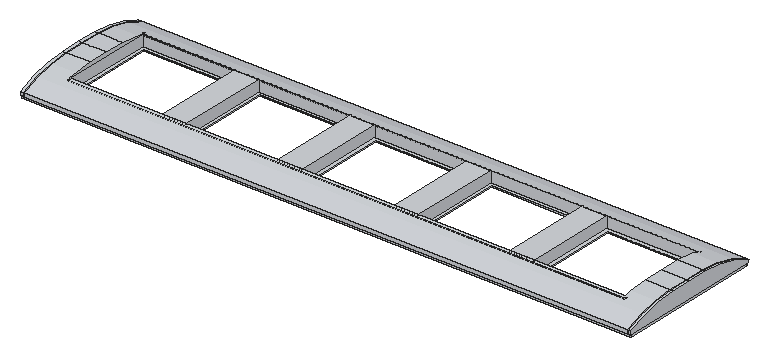
Revit family "Gira_021507", category Electrical Fixtures, host Face, Revit 2017
Family settings
  Host = Face
  Maintain Annotation Orientation = No
  Round Connector Dimension = Use Diameter
  Part Type = Normal
  Cut with Voids When Loaded = No
  Shared = No
  Room Calculation Point = No
Parameters (values of type "Abdeckrahmen 5f Zwischenr. AN Gira Event Reinweiß m")
  Werkstoffgüte = "Thermoplast"
  Werkstoff = "Kunststoff"
  URL = "http://katalog.gira.de/de_DE/datenblatt.html?artikelnr=021507"
  Transparent = "No"
  Textfeld/Beschriftungsfläche = "No"
  Schutzart (IP) = "IP20"
  Region = "DE"
  Oberfläche = "sonstige"
  Name = "Abdeckrahmen 5f Zwischenr. AN Gira Event Reinweiß m"
  Montagerichtung = "horizontal und vertikal"
  Mit Montagerahmen = "No"
  Mit Klappdeckel = "No"
  Manufacturer URL = "https://www.gira.de/"
  Keynote = "Event_Rahmen_5fach"
  HeinzeBIM = "https://bimportal.heinze.de/bim/abdeckrahmen-5f-zwischenr-an-gira-event-reinweiss-m/8a9cef221fd6ada7a10d37450f2bd1069781d747"
  Halogenfrei = "Yes"
  HAN = "021507"
  Geeignet für Unterputz-Installation = "Yes"
  Geeignet für Unterflurkanaldose = "No"
  Geeignet für Geräteeinbaukanal = "No"
  Geeignet für Einbauinstallation = "No"
  GTIN = "4010337215073"
  Farbe = "weiß"
  Default Elevation = 1219.2 mm
  Data sheet (1) = "https://katalog.gira.de/de_DE/download.html?artikelnr=021507"
  Category = "Abdeckrahmen"
  Befestigungsart = "Klemmbefestigung"
  Available = "Yes"
  Anzahl der Einheiten vertikal = "5 "
  Anzahl der Einheiten horizontal = "5 "
  Anzahl der Einheiten = "5 "
Reference planes
  plane 1 "Center (Front/Back)": y = 0
  plane 2: z = 0
  plane 3 "Center (Left/Right)": x = 0
Forms (mm)
  Extrusion 1, solid, detail levels fine
    sketch origin (0, 0, 0.05) x (0, 1, 0) y (0, 0, 1)
      loop
        arc (12.445, 9.683) -> (6.223, 9.833) -> (0, 9.85) r 291.636
        arc (0, 9.85) -> (-6.223, 9.833) -> (-12.445, 9.683) r 291.636
        arc (-12.445, 9.683) -> (-29.14, 7.482) -> (-45, 1.823) r 79.728
        line (-45, 1.823) -> (-45, -0.05) -> (-42.086, -0.05)
        arc (-42.086, -0.05) -> (-21.385, 5.559) -> (0, 7.206) r 114.424
        arc (0, 7.206) -> (21.385, 5.559) -> (42.086, -0.05) r 114.424
        line (42.086, -0.05) -> (45, -0.05) -> (45, 1.823)
        arc (45, 1.823) -> (29.14, 7.482) -> (12.445, 9.683) r 79.728
    from -185.578 to 185.593
  Extrusion 2, void, detail levels fine
    sketch origin (0, 0, 0) x (1, 0, 0) y (0, 1, 0)
      loop
        line (170.607, 28) -> (-170.593, 28) -> (-170.593, -28) -> (170.607, -28) -> (170.607, 28)
    from 0.724 to 11
  Extrusion 3, solid, detail levels coarse
    sketch origin (0, 0, 0) x (1, 0, 0) y (0, 1, 0)
      loop
        line (-187.578, 45) -> (-187.578, -45) -> (187.593, -45) -> (187.593, 45) -> (-187.578, 45)
    from -1.5 to 9.9
  Extrusion 4, solid, detail levels medium
    sketch origin (0, 0, 0.05) x (0, 1, 0) y (0, 0, 1)
      loop
        arc (12.445, 9.683) -> (6.223, 9.833) -> (0, 9.85) r 291.636
        arc (0, 9.85) -> (-6.223, 9.833) -> (-12.445, 9.683) r 291.636
        arc (-12.445, 9.683) -> (-29.14, 7.482) -> (-45, 1.823) r 79.728
        line (-45, 1.823) -> (-45, -0.05) -> (45, -0.05) -> (45, 1.823)
        arc (45, 1.823) -> (29.14, 7.482) -> (12.445, 9.683) r 79.728
    from -187.578 to 187.593
  Extrusion 5, solid, detail levels fine
    sketch origin (-142.578, 0, -1.5) x (0, 1, 0) y (0, 0, -1)
      loop
        line (45, -3.373) -> (45, -1.5) -> (-45, -1.5) -> (-45, -3.373)
        arc (-45, -3.373) -> (-29.14, -9.032) -> (-12.445, -11.233) r 79.728
        arc (-12.445, -11.233) -> (-6.223, -11.383) -> (0, -11.4) r 291.636
        arc (0, -11.4) -> (6.223, -11.383) -> (12.445, -11.233) r 291.636
        arc (12.445, -11.233) -> (29.14, -9.032) -> (45, -3.373) r 79.728
    from 43 to 45
  Extrusion 6, solid, detail levels fine
    sketch origin (0, 0, 0) x (1, 0, 0) y (0, 1, 0)
      loop
        line (-168.493, 25.7) -> (-168.493, -25.7) -> (-116.693, -25.7) -> (-116.693, 25.7) -> (-168.493, 25.7)
      loop
        line (-45.398, -25.7) -> (-45.398, 25.7) -> (-97.198, 25.7) -> (-97.198, -25.7) -> (-45.398, -25.7)
      loop
        line (-171.487, 28.49) -> (-171.487, -28.495)
        spline (-171.487, -28.495) -> (-171.479, -28.625) -> (-171.453, -28.754) -> (-171.411, -28.878) -> (-171.353, -28.995) -> (-171.281, -29.104) -> (-171.194, -29.202) -> (-171.096, -29.288) -> (-170.987, -29.361) -> (-170.87, -29.419) -> (-170.746, -29.461) -> (-170.618, -29.486) -> (-170.487, -29.495)
        line (-170.487, -29.495) -> (170.502, -29.495)
        spline (170.502, -29.495) -> (170.633, -29.486) -> (170.761, -29.461) -> (170.885, -29.419) -> (171.002, -29.361) -> (171.111, -29.288) -> (171.209, -29.202) -> (171.296, -29.104) -> (171.368, -28.995) -> (171.426, -28.878) -> (171.468, -28.754) -> (171.494, -28.625) -> (171.502, -28.495)
        line (171.502, -28.495) -> (171.502, 28.49)
        spline (171.502, 28.49) -> (171.494, 28.62) -> (171.468, 28.748) -> (171.426, 28.872) -> (171.368, 28.99) -> (171.296, 29.098) -> (171.209, 29.197) -> (171.111, 29.283) -> (171.002, 29.356) -> (170.885, 29.413) -> (170.761, 29.456) -> (170.633, 29.481) -> (170.502, 29.49)
        line (170.502, 29.49) -> (-170.487, 29.49)
        spline (-170.487, 29.49) -> (-170.618, 29.481) -> (-170.746, 29.456) -> (-170.87, 29.413) -> (-170.987, 29.356) -> (-171.096, 29.283) -> (-171.194, 29.197) -> (-171.281, 29.098) -> (-171.353, 28.99) -> (-171.411, 28.872) -> (-171.453, 28.748) -> (-171.479, 28.62) -> (-171.487, 28.49)
      loop
        line (25.902, -25.7) -> (25.902, 25.7) -> (-25.898, 25.7) -> (-25.898, -25.7) -> (25.902, -25.7)
      loop
        line (97.207, -25.7) -> (97.207, 25.7) -> (45.407, 25.7) -> (45.407, -25.7) -> (97.207, -25.7)
      loop
        line (168.507, -25.7) -> (168.507, 25.7) -> (116.707, 25.7) -> (116.707, -25.7) -> (168.507, -25.7)
    from 0.1 to 7.3
  Extrusion 7, solid
    sketch origin (0, 0, 0) x (1, 0, 0) y (0, 1, 0)
      loop
        arc (-187.293, -44.218) -> (-187.146, -44.572) -> (-186.793, -44.718) r 0.5
        line (-186.793, -44.718) -> (186.807, -44.718)
        arc (186.807, -44.718) -> (187.161, -44.572) -> (187.307, -44.218) r 0.5
        line (187.307, -44.218) -> (187.307, 44.182)
        arc (187.307, 44.182) -> (187.161, 44.535) -> (186.807, 44.682) r 0.5
        line (186.807, 44.682) -> (-186.793, 44.682)
        arc (-186.793, 44.682) -> (-187.146, 44.535) -> (-187.293, 44.182) r 0.5
        line (-187.293, 44.182) -> (-187.293, -44.218)
      loop
        line (-185.593, 42.982) -> (-185.593, -43.018) -> (185.607, -43.018) -> (185.607, 42.982) -> (-185.593, 42.982)
    from -1.5 to 0.5
  Extrusion 8, solid, detail levels fine
    sketch origin (142.593, 0, -1.5) x (0, 1, 0) y (0, 0, 1)
      loop
        arc (45, 3.373) -> (29.14, 9.032) -> (12.445, 11.233) r 79.728
        arc (12.445, 11.233) -> (6.223, 11.383) -> (0, 11.4) r 291.636
        arc (0, 11.4) -> (-6.223, 11.383) -> (-12.445, 11.233) r 291.636
        arc (-12.445, 11.233) -> (-29.14, 9.032) -> (-45, 3.373) r 79.728
        line (-45, 3.373) -> (-45, 1.5) -> (45, 1.5) -> (45, 3.373)
    from 43 to 45
  Extrusion 9, solid, detail levels medium
    sketch origin (0, 0, 0) x (1, 0, 0) y (0, 1, 0)
      loop
        line (-187.293, -44.718) -> (187.307, -44.718) -> (187.307, 44.682) -> (-187.293, 44.682) -> (-187.293, -44.718)
    from -1.5 to 0.5
  Extrusion 10, solid, detail levels fine
    sketch origin (-105.5, 0, 0) x (1, 0, 0) y (0, 1, 0)
      loop
        line (-8.943, 28.063) -> (-8.943, -27.937) -> (6.057, -27.937) -> (6.057, 28.063) -> (-8.943, 28.063)
    from 0.724 to 7.566
  Extrusion 11, solid, detail levels fine
    sketch origin (-37.085, 0, 0) x (-1, 0, 0) y (0, -1, 0)
      loop
        line (-8.943, -28.063) -> (6.057, -28.063) -> (6.057, 27.937) -> (-8.943, 27.937) -> (-8.943, -28.063)
    from 0.724 to 7.566
  Extrusion 12, solid, detail levels fine
    sketch origin (105.5, 0, 0) x (-1, 0, 0) y (0, -1, 0)
      loop
        line (-8.943, -28.063) -> (6.057, -28.063) -> (6.057, 27.937) -> (-8.943, 27.937) -> (-8.943, -28.063)
    from 0.724 to 7.566
  Extrusion 13, solid, detail levels fine
    sketch origin (37.085, 0, 0) x (1, 0, 0) y (0, 1, 0)
      loop
        line (-8.943, 28.063) -> (-8.943, -27.937) -> (6.057, -27.937) -> (6.057, 28.063) -> (-8.943, 28.063)
    from 0.724 to 7.566
Cuts and joins
  Extrusion 2 cuts Extrusion 1
  Extrusion 2 cuts Extrusion 6
Dimensions and locks
  aligned and locked: plane 2 to host face
  aligned and locked: level to host face
